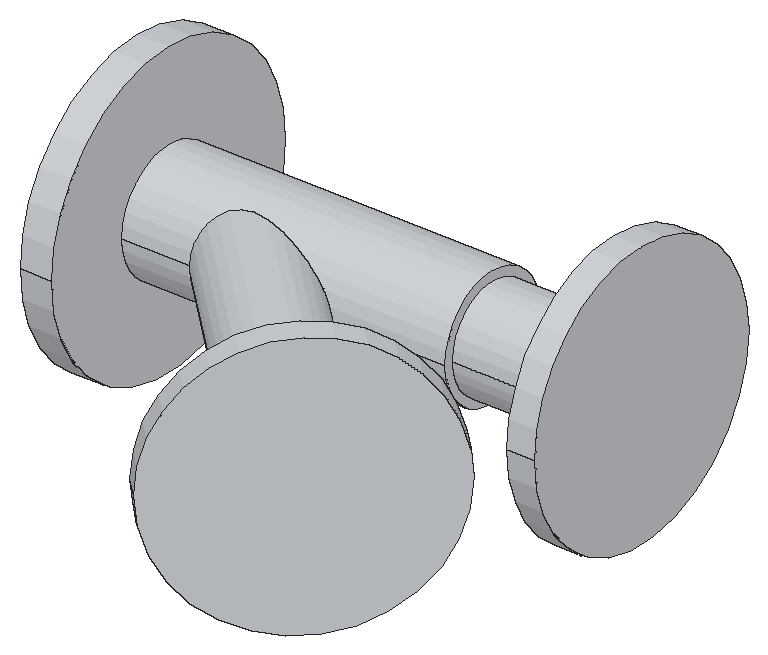
Revit family "M_Redução de 45 graus lateral - Flange - GI - Classe 125", category Conexões de tubo, Revit 2019
Family settings
  Cota do conector redondo = Usar raio
  Tipo de parte = Tê  lateral
  Número OmniClass = 23.60.30.11.14
  Título OmniClass = Pipework Fittings
  ID de item do Seek = Lateral 45 Deg Reducing - Flanged - GI - Class 125-0000-CAN-ENU
  Com base no plano de trabalho = Não
  Sempre na vertical = Sim
  Corte com vazios quando carregada = Não
  Compartilhado = Não
Parameters (values of type "Padrão")
  Tamanho da marca de cota 3 [instance] = Diâmetro da flange 3 * 0.4  # 43.2 mm
  Tamanho da marca de cota 2 [instance] = Diâmetro da flange 2 * 0.4  # 43.2 mm
  Tamanho da marca de cota 1 [instance] = Diâmetro da flange 1 * 0.4  # 47.2 mm
  Centro curto até a face [instance] = size_lookup(Nome da tabela de pesquisa, "SCtF", 0.3 * Diâmetro nominal máximo 123 + 46.732 mm, Diâmetro nominal máximo 123)  # 45 mm
  Raio nominal 3 [instance] = 12.5 mm
  Raio nominal 2 [instance] = 12.5 mm
  Raio nominal 1 [instance] = 16 mm
  Diâmetro mínimo nominal 12 [instance] = if(Diâmetro nominal 1 > Diâmetro nominal 2, Diâmetro nominal 2, Diâmetro nominal 1)  # 25 mm
  Diâmetro nominal máximo 12 [instance] = if(Diâmetro nominal 1 > Diâmetro nominal 2, Diâmetro nominal 1, Diâmetro nominal 2)  # 32 mm
  Diâmetro nominal máximo 123 [instance] = if(and(not(Diâmetro nominal 1 < Diâmetro nominal 2), not(Diâmetro nominal 1 < Diâmetro nominal 3)), Diâmetro nominal 1, if(and(not(Diâmetro nominal 2 < Diâmetro nominal 1), not(Diâmetro nominal 2 < Diâmetro nominal 3)), Diâmetro nominal 2, Diâmetro nominal 3))  # 32 mm
  Diâmetro nominal 3 [instance] = Raio nominal 3 * 2  # 25 mm
  Diâmetro nominal 2 [instance] = Raio nominal 2 * 2  # 25 mm
  Diâmetro nominal 1 [instance] = Raio nominal 1 * 2  # 32 mm
  Espessura da parede 3 [instance] = size_lookup(Nome da tabela de pesquisa, "WThk", 0.04 * Diâmetro nominal 3 + 7.045 mm, Diâmetro nominal 3)  # 7.9 mm
  Espessura da parede 2 [instance] = size_lookup(Nome da tabela de pesquisa, "WThk", 0.04 * Diâmetro mínimo nominal 12 + 7.045 mm, Diâmetro mínimo nominal 12)  # 7.9 mm
  Espessura da parede 1 [instance] = size_lookup(Nome da tabela de pesquisa, "WThk", 0.04 * Diâmetro nominal máximo 12 + 7.045 mm, Diâmetro nominal máximo 12)  # 7.9 mm
  Método de perda = Coeficiente K da tabela
  Nome da tabela de pesquisa = "M_Lateral 45 Deg Reducing - Flanged - GI - Class 125"
  Comprimento 6 [instance] = if(Comprimento 2 > 0 mm, Comprimento do lance 5, Comprimento do lance)  # 130.9 mm
  Tabela de coeficiente K = "Tê flangeado"
  Comprimento da ramificação 2 [instance] = Comprimento da ramificação 1 + Espessura da flange 3  # 159 mm
  Comprimento 5 [instance] = if(Comprimento 2 < 0 mm, Comprimento do lance 2 + Comprimento do lance, if(not(Diâmetro nominal 1 < Diâmetro nominal 2), Comprimento do lance 6, Comprimento do lance 6))  # 6194.6 mm
  Comprimento da ramificação 1 [instance] = if(and(not(Ângulo > 90.00°), Comprimento 1 < 0 mm), (Raio da flange máxima 12 + Raio da flange 3 * cos(Ângulo)) / sin(Ângulo), if(and(Ângulo > 90.00°, Comprimento 1 < 0 mm), (Raio da flange máxima 12 + Raio da flange 3 * cos(180.00° - Ângulo)) / sin(180.00° - Ângulo), C3 Centro à face - Espessura da flange 3))  # 147.9 mm
  Comprimento do lance 6 [instance] = Fixar comprimento + Comprimento do lance 4  # 6194.6 mm
  C3 Centro à face [instance] = if(not(Diâmetro nominal máximo 123 > 406.4 mm), Centro à face, if(not(Diâmetro nominal 3 > Tamanho da ramificação e menor), Centro à ramificação de face, Centro à face))  # 159 mm
  Comprimento do lance 5 [instance] = if(or(and(Ângulo > 90.00°, Diâmetro nominal 1 > Diâmetro nominal 2), and(Ângulo < 90.00°, Diâmetro nominal 1 < Diâmetro nominal 2, not(Comprimento 3 < 0 mm))), Comprimento do lance - Comprimento 3 / 3, if(and(Ângulo < 90.00°, Diâmetro nominal 1 < Diâmetro nominal 2, Comprimento 3 < 0 mm), Comprimento do lance, Comprimento do lance - Comprimento 4 / 3))  # 130.9 mm
  Comprimento do lance 4 [instance] = Comprimento do lance 5 - Comprimento do lance 1  # 98.6 mm
  C2 Centro à face [instance] = if(not(Diâmetro nominal máximo 123 > 406.4 mm), Centro à face, if(not(Diâmetro nominal 3 > Tamanho da ramificação e menor), Execução do centro até a face 2, Centro à face))  # 159 mm
  Comprimento do lance 3 [instance] = if(and(not(Ângulo > 90.00°), Comprimento 1 < 0 mm), Raio da flange máxima 12 / tan(Ângulo - atan(Raio da flange 3 / Comprimento da ramificação 1)) + Espessura da flange 12, if(and(Ângulo > 90.00°, Comprimento 1 < 0 mm), Raio da flange máxima 12 / tan(180.00° - Ângulo - atan(Raio da flange 3 / Comprimento da ramificação 1)) + Espessura da flange 12, C2 Centro à face))  # 159 mm
  Comprimento do lance 2 [instance] = if(not(Diâmetro nominal 1 < Diâmetro nominal 2), Fixar comprimento - Comprimento do lance 1, Fixar comprimento + Comprimento do lance 4 - Comprimento do lance)  # 6063.7 mm
  Comprimento do lance 1 [instance] = if(and(Ângulo > 90.00°, Diâmetro nominal 2 > Diâmetro nominal 1), 2 * Comprimento 4 / 3, if(and(Ângulo > 90.00°, not(Diâmetro nominal 2 > Diâmetro nominal 1)), Comprimento 4, if(and(Ângulo < 90.00°, Diâmetro nominal 2 > Diâmetro nominal 1), 2 * Comprimento 3 / 3, Comprimento 3)))  # 32.3 mm
  C1 Centro à face [instance] = if(not(Diâmetro nominal máximo 123 > 406.4 mm), Centro curto até a face, if(not(Diâmetro nominal 3 > Tamanho da ramificação e menor), Execução do centro até a face 1, Centro curto até a face))  # 45 mm
  Comprimento 1 [instance] = if(Ângulo < 90.00°, ((C3 Centro à face - Espessura da flange 3) / cos(Ângulo 3) * sin(Ângulo - Ângulo 3) - Diâmetro da flange máxima 12 / 2), ((C3 Centro à face - Espessura da flange 3) / cos(Ângulo 3) * sin(180.00° - Ângulo - Ângulo 3) - Diâmetro da flange máxima 12 / 2))  # 7.397 mm
  Comprimento do lance [instance] = Comprimento 3 + Comprimento 4  # 180.2 mm
  Comprimento 4 [instance] = Comprimento do lance 3 - Espessura da flange 12  # 147.9 mm
  Comprimento 3 [instance] = if(not(Ângulo > 90.00°), C1 Centro à face - Espessura da flange 1, C1 Centro à face - Espessura da flange 2)  # 32.3 mm
  Comprimento 2 [instance] = Comprimento do lance - (Comprimento do lance 5)  # 49.3 mm
  Fixar comprimento [instance] = 6096 mm  # constant formula
  Espessura da flange 12 [instance] = if(not(Ângulo > 90.00°), Espessura da flange 2, Espessura da flange 1)  # 11.1 mm
  Espessura da flange máxima 12 [instance] = size_lookup(Nome da tabela de pesquisa, "FThk", 0.06 * Diâmetro nominal máximo 12 + 14.784 mm, Diâmetro nominal máximo 12)  # 12.7 mm
  Raio da flange máxima 12 [instance] = Diâmetro da flange máxima 12 / 2  # 59 mm
  Diâmetro da flange máxima 12 [instance] = size_lookup(Nome da tabela de pesquisa, "FDia", 1.21 * Diâmetro nominal máximo 12 + 97.036 mm, Diâmetro nominal máximo 12)  # 118 mm
  Raio externo da conexão 3 [instance] = Diâmetro externo da conexão 3 / 2  # 20.4 mm
  Raio externo da conexão 2 [instance] = Diâmetro externo da conexão 2 / 2  # 20.4 mm
  Raio externo da conexão 1 [instance] = Diâmetro externo da conexão 1 / 2  # 23.9 mm
  Diâmetro externo da conexão 3 [instance] = Diâmetro interior da conexão 3 + Espessura da parede 3 * 2  # 40.8 mm
  Diâmetro externo da conexão 2 [instance] = Diâmetro interno da conexão 2 + Espessura da parede 2 * 2  # 40.8 mm
  Diâmetro externo da conexão 1 [instance] = Diâmetro interno da conexão 1 + Espessura da parede 1 * 2  # 47.8 mm
  Diâmetro interior da conexão 3 [instance] = size_lookup(Nome da tabela de pesquisa, "FID", 1.02 * Diâmetro nominal 3 - 1.389 mm, Diâmetro nominal 3)  # 25 mm
  Diâmetro interno da conexão 2 [instance] = size_lookup(Nome da tabela de pesquisa, "FID", 1.02 * Diâmetro mínimo nominal 12 - 1.389 mm, Diâmetro mínimo nominal 12)  # 25 mm
  Diâmetro interno da conexão 1 [instance] = size_lookup(Nome da tabela de pesquisa, "FID", 1.02 * Diâmetro nominal máximo 12 - 1.389 mm, Diâmetro nominal máximo 12)  # 32 mm
  Execução do centro até a face 2 [instance] = size_lookup(Nome da tabela de pesquisa, "CtFR2", 1.19 * Diâmetro nominal máximo 123 + 92.373 mm, Diâmetro nominal máximo 123)  # 1 mm
  Execução do centro até a face 1 [instance] = size_lookup(Nome da tabela de pesquisa, "CtFR1", -0.09 * Diâmetro nominal máximo 123 + 66.973 mm, Diâmetro nominal máximo 123)  # 1 mm
  Espessura da flange 3 [instance] = size_lookup(Nome da tabela de pesquisa, "FThk", 0.06 * Diâmetro nominal 3 + 14.784 mm, Diâmetro nominal 3)  # 11.1 mm
  Espessura da flange 2 [instance] = size_lookup(Nome da tabela de pesquisa, "FThk", 0.06 * Diâmetro nominal 2 + 14.784 mm, Diâmetro nominal 2)  # 11.1 mm
  Espessura da flange 1 [instance] = size_lookup(Nome da tabela de pesquisa, "FThk", 0.06 * Diâmetro nominal 1 + 14.784 mm, Diâmetro nominal 1)  # 12.7 mm
  Raio da flange 3 [instance] = Diâmetro da flange 3 / 2  # 54 mm
  Raio da flange 2 [instance] = Diâmetro da flange 2 / 2  # 54 mm
  Raio da flange 1 [instance] = Diâmetro da flange 1 / 2  # 59 mm
  Diâmetro da flange 3 [instance] = size_lookup(Nome da tabela de pesquisa, "FDia", 1.21 * Diâmetro nominal 3 + 97.036 mm, Diâmetro nominal 3)  # 108 mm
  Diâmetro da flange 2 [instance] = size_lookup(Nome da tabela de pesquisa, "FDia", 1.21 * Diâmetro nominal 2 + 97.036 mm, Diâmetro nominal 2)  # 108 mm
  Diâmetro da flange 1 [instance] = size_lookup(Nome da tabela de pesquisa, "FDia", 1.21 * Diâmetro nominal 1 + 97.036 mm, Diâmetro nominal 1)  # 118 mm
  Centro à ramificação de face [instance] = size_lookup(Nome da tabela de pesquisa, "CtFB", 1.24 * Diâmetro nominal máximo 123 + 135.037 mm, Diâmetro nominal máximo 123)  # 1 mm
  Centro à face [instance] = size_lookup(Nome da tabela de pesquisa, "CtF", 1.51 * Diâmetro nominal máximo 123 + 138.609 mm, Diâmetro nominal máximo 123)  # 159 mm
  Tamanho da ramificação e menor [instance] = size_lookup(Nome da tabela de pesquisa, "BSaS", 0.48 * Diâmetro nominal máximo 12 + 1.191 mm, Diâmetro nominal máximo 12)  # 1 mm
  Ângulo 3 [instance] = atan(Raio da flange 3 / (C3 Centro à face - Espessura da flange 3))  # 20.0577°
  Ângulo [instance] = 45.00°
Reference planes
  plane 1 "Centro (Frente/Trás)": y = 0
  plane 2: z = 0
  plane 3 "Centro (Esquerda/Direita)": x = 0
  plane 4: x = -32.3
  plane 5: x = 98.6
  plane 6 "1": x = 147.9
  plane 7: x = -32.3
  plane 8: x = -45
  plane 9: x = 159
  plane 10: x = -6096
  plane 11: x = 339.2
  plane 12: x = -32.3
  plane 13: x = 98.6
  plane 14: x = -32.3
  plane 15: x = 147.9
  plane 16: y = 47.2
  plane 17: y = -47.2
  plane 18: y = 43.2
  plane 19: y = -43.2
  plane 20: x = -225.2
Forms (mm)
  Sweep 1, solid, detail levels fine
    path in 3D
      loop
        line (-32.3, 0, 0) -> (147.9, 0, 0)
    profile origin (57.8, 0, 0) x (0, 1, 0) y (0, 0, 1)
      loop
        circle (0, 0) r 20.4
  Sweep 2, solid, detail levels fine
    path in 3D
      loop
        line (-45, 0, 0) -> (-32.3, 0, 0)
    profile origin (-38.65, 0, 0) x (0, 1, 0) y (0, 0, 1)
      loop
        circle (0, 0) r 59
  Sweep 3, solid, detail levels fine
    path in 3D
      loop
        line (-32.3, 0, 0) -> (98.6, 0, 0)
    profile origin (33.15, 0, 0) x (0, 1, 0) y (0, 0, 1)
      loop
        circle (0, 0) r 23.9
  Sweep 4, solid, detail levels fine
    path in 3D
      loop
        line (147.9, 0, 0) -> (159, 0, 0)
    profile origin (153.45, 0, 0) x (0, 1, 0) y (0, 0, 1)
      loop
        circle (0, 0) r 54
  Sweep 5, solid, detail levels fine
    path in 3D
      loop
        line (0, 0, 0) -> (104.581, -104.581, 0)
    profile origin (52.291, -52.291, 0) x (0.707107, 0.707107, 0) y (0, 0, 1)
      loop
        circle (0, 0) r 20.4
  Sweep 6, solid, detail levels fine
    path in 3D
      loop
        line (104.581, -104.581, 0) -> (112.43, -112.43, 0)
    profile origin (108.506, -108.506, 0) x (0.707107, 0.707107, 0) y (0, 0, 1)
      loop
        circle (0, 0) r 54
  Extrusion 7, void
    sketch origin (0, 0, 0) x (0, 1, 0) y (0, 0, 1)
      loop
        circle (0, 0) r 59
    from -225.2 to -45
  Extrusion 8, void
    sketch origin (0, 0, 0) x (0, 1, 0) y (0, 0, 1)
      loop
        circle (0, 0) r 59
    from 159 to 339.2
  Extrusion 9, void
    sketch origin (0, 0, 0) x (0, 1, 0) y (0, 0, 1)
      loop
        circle (0, 0) r 59
    from -225.2 to -45
  Extrusion 10, void
    sketch origin (0, 0, 0) x (0, 1, 0) y (0, 0, 1)
      loop
        circle (0, 0) r 59
    from 159 to 339.2
Cuts and joins
  joined: Sweep 1, Sweep 2, Sweep 3, Sweep 4, Sweep 6
  Extrusion 7, Extrusion 8 cuts Sweep 5
Lines and regions (mm)
  reference lines
    curve 1: line (0, 0, 0) -> (104.581, -104.581, 0)
    curve 2: line (-32.3, 0, 0) -> (147.9, 0, 0)
    curve 4: line (-32.3, 0, 0) -> (98.6, 0, 0)
    curve 5: line (-45, 0, 0) -> (-32.3, 0, 0)
    curve 8: line (147.9, 0, 0) -> (159, 0, 0)
    curve 10: line (104.581, -104.581, 0) -> (112.43, -112.43, 0)
    curve 13: line (-32.3, 0, 0) -> (98.6, 0, 0)
    curve 14: line (-32.3, 0, 0) -> (-45, 0, 0)
    curve 15: line (147.9, 0, 0) -> (159, 0, 0)
    curve 16: line (112.43, -112.43, 0) -> (104.581, -104.581, 0)
  sketch lines
    curve 3: line (-32.3, 0, 0) -> (147.9, 0, 0)
    curve 6: line (-45, 0, 0) -> (-32.3, 0, 0)
    curve 7: line (-32.3, 0, 0) -> (98.6, 0, 0)
    curve 9: line (147.9, 0, 0) -> (159, 0, 0)
    curve 11: line (0, 0, 0) -> (104.581, -104.581, 0)
    curve 12: line (104.581, -104.581, 0) -> (112.43, -112.43, 0)
  model lines, detail levels coarse+medium
    curve 17: line (-45, 0, 0) -> (159, 0, 0)
    curve 18: line (-45, 47.2, 0) -> (-45, -47.2, 0)
    curve 19: line (159, 43.2, 0) -> (159, -43.2, 0)
    curve 20: line (0, 0, 0) -> (112.43, -112.43, 0)
    curve 21: line (81.883, -142.977, 0) -> (142.977, -81.883, 0)
Dimensions and locks
  "Comprimento da ramificação 1": curve 1 to curve 1
  "Comprimento do lance": plane 7 to plane 6 "1"
  "Espessura da flange 1": plane 8 to plane 7
  "Espessura da flange 2": plane 6 "1" to plane 9
  "Espessura da flange 3": curve 10 to curve 10
  "Fixar comprimento": plane 10 to plane 3 "Centro (Esquerda/Direita)"
  "Comprimento do lance": plane 9 to plane 11
  "Comprimento do lance 5": plane 4 to plane 5
  "Comprimento do lance 6": plane 10 to plane 5
  "Comprimento do lance 2": plane 10 to plane 7
  "Comprimento 6": plane 12 to plane 13
  "Comprimento 5": plane 10 to plane 13
  equal spacing: plane 17, plane 1 "Centro (Frente/Trás)", plane 16
  "Tamanho da marca de cota 1": plane 1 "Centro (Frente/Trás)" to plane 16
  equal spacing: plane 18, plane 1 "Centro (Frente/Trás)", plane 19
  "Tamanho da marca de cota 2": plane 18 to plane 1 "Centro (Frente/Trás)"
  "Comprimento da ramificação 2": curve 20 to curve 20
  equal spacing: curve 21, curve 20, curve 21
  "Tamanho da marca de cota 3": curve 20 to curve 21
  "Comprimento do lance": plane 20 to plane 8
  "Raio externo da conexão 2": radius of Sweep 1 sketch curve
  "Raio da flange 1": radius of Sweep 2 sketch curve
  "Raio externo da conexão 1": radius of Sweep 3 sketch curve
  "Raio da flange 2": radius of Sweep 4 sketch curve
  "Raio externo da conexão 3": radius of Sweep 5 sketch curve
  "Raio da flange 3": radius of Sweep 6 sketch curve
  "Raio da flange máxima 12": radius of Extrusion 7 sketch curve
  "Raio da flange máxima 12": radius of Extrusion 8 sketch curve
  "Ângulo": angle curve 1 to plane 1 "Centro (Frente/Trás)"
  "Ângulo": angle curve 10 to plane 1 "Centro (Frente/Trás)"
  "Ângulo": angle curve 16 to plane 1 "Centro (Frente/Trás)"
  "Ângulo": angle curve 20 to plane 1 "Centro (Frente/Trás)"
  "Ângulo": angle curve 21 to plane 3 "Centro (Esquerda/Direita)"
  aligned and locked: plane 1 "Centro (Frente/Trás)" to curve 1
  aligned and locked: plane 3 "Centro (Esquerda/Direita)" to curve 1
  aligned and locked: profile plane to Sweep 1 sketch curve  (x2)
  aligned and locked: plane 5 to curve 4
  aligned and locked: plane 1 "Centro (Frente/Trás)" to curve 4
  aligned and locked: plane 8 to curve 5
  aligned and locked: plane 7 to curve 5
  aligned and locked: plane 1 "Centro (Frente/Trás)" to curve 5
  aligned and locked: profile plane to Sweep 2 sketch curve  (x2)
  aligned and locked: plane 4 to curve 4
  aligned and locked: profile plane to Sweep 3 sketch curve  (x2)
  aligned and locked: plane 9 to curve 8
  aligned and locked: profile plane to Sweep 4 sketch curve  (x2)
  aligned and locked: plane 1 "Centro (Frente/Trás)" to curve 8
  aligned and locked: profile plane to Sweep 5 sketch curve  (x2)
  aligned and locked: profile plane to Sweep 6 sketch curve  (x2)
  aligned and locked: plane 1 "Centro (Frente/Trás)" to Extrusion 7 sketch curve
  aligned and locked: plane 2 to Extrusion 7 sketch curve
  aligned and locked: plane 8 to Extrusion 7
  aligned and locked: plane 1 "Centro (Frente/Trás)" to Extrusion 8 sketch curve
  aligned and locked: plane 2 to Extrusion 8 sketch curve
  aligned and locked: plane 11 to Extrusion 8
  aligned and locked: Extrusion 8 to plane 9
  aligned and locked: plane 1 "Centro (Frente/Trás)" to curve 13
  aligned and locked: plane 12 to curve 13
  aligned and locked: plane 13 to curve 13
  aligned and locked: plane 6 "1" to curve 8
  aligned and locked: plane 14 to curve 14
  aligned and locked: plane 8 to curve 14
  aligned and locked: plane 15 to curve 15
  aligned and locked: plane 9 to curve 15
  aligned and locked: curve 14 to plane 1 "Centro (Frente/Trás)"
  aligned and locked: plane 1 "Centro (Frente/Trás)" to curve 15
  aligned and locked: plane 8 to curve 17
  aligned and locked: plane 9 to curve 17
  aligned and locked: plane 16 to curve 18
  aligned and locked: plane 17 to curve 18
  aligned and locked: curve 19 to plane 18
  aligned and locked: curve 19 to plane 19
  aligned and locked: curve 19 to plane 9
  aligned and locked: plane 1 "Centro (Frente/Trás)" to curve 17
  aligned and locked: plane 1 "Centro (Frente/Trás)" to curve 20
  aligned and locked: plane 3 "Centro (Esquerda/Direita)" to curve 20
  aligned and locked: plane 2 to Extrusion 9 sketch curve
  aligned and locked: plane 1 "Centro (Frente/Trás)" to Extrusion 9 sketch curve
  aligned and locked: plane 8 to Extrusion 9
  aligned and locked: plane 1 "Centro (Frente/Trás)" to Extrusion 10 sketch curve
  aligned and locked: plane 2 to Extrusion 10 sketch curve
  aligned and locked: Extrusion 10 to plane 9
  aligned and locked: plane 11 to Extrusion 10
  aligned and locked: Extrusion 9 to plane 20
  aligned and locked: Extrusion 7 to plane 20
Automatic sketch dimensions
  radius of Extrusion 9 sketch curve = 59 mm
  radius of Extrusion 10 sketch curve = 59 mm
Connectors
  piping at (-45, 0, 0), diameter 32, driven by "Raio nominal 1"
    settings: on Sweep 2, index 1, connector inside diameter 32 mm, connector length 0 mm, flow factor 0, pipe flow 0.0 L/s, pressure drop 0.0 Pa, fitting loss kfactor 0, connector angle 0.00°, fixture units 0, engagement length 0 mm, angle of deflection 0.00°, flow configuration 0, flow direction 0, fitting loss method 0, system type 28, joint type 0, gender type 0, connector reference index 2, connector utility 0, adjustable connector no, is connector primary yes, connector description ""
  piping at (159, 0, 0), diameter 25, driven by "Raio nominal 2"
    settings: on Sweep 4, index 2, connector inside diameter 25 mm, connector length 0 mm, flow factor 0, pipe flow 0.0 L/s, pressure drop 0.0 Pa, fitting loss kfactor 0, connector angle 0.00°, fixture units 0, engagement length 0 mm, angle of deflection 0.00°, flow configuration 0, flow direction 0, fitting loss method 0, system type 28, joint type 0, gender type 0, connector reference index 1, connector utility 0, adjustable connector no, is connector primary no, connector description ""
  piping at (112.43, -112.43, 0), diameter 25, driven by "Raio nominal 3", driven by "Ângulo"
    settings: on Sweep 6, index 3, connector inside diameter 25 mm, connector length 0 mm, flow factor 0, pipe flow 0.0 L/s, pressure drop 0.0 Pa, fitting loss kfactor 0, connector angle 45.00°, fixture units 0, engagement length 0 mm, angle of deflection 0.00°, flow configuration 0, flow direction 0, fitting loss method 0, system type 28, joint type 0, gender type 0, connector reference index -1, connector utility 0, adjustable connector no, is connector primary no, connector description ""
